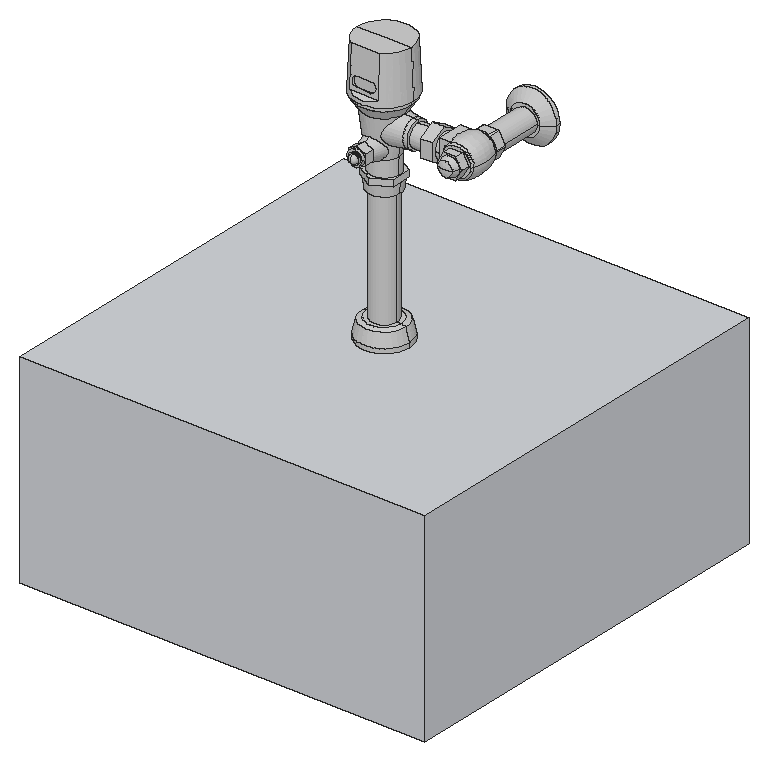
Revit family
Parameters
  Width = 0' - 8 1/4"
  Waste Connection = no
  WFU = 0
  Vent Connection = no
  Valve Type = "1” IPS Angle Stop (Vandal Resistant)"
  URL = "www.moencommercial.com"
  Sensor Type = "Infrared"
  Power Source = "Battery (4xAA)"
  Model = "8311"
  Manufacturer = "Moen"
  Length = 0' - 7 1/2"
  Keynote = "15410"
  Height = 1' - 4"
  HWFU = 0
  HW Connection = no
  Flush Rate = "1.28 GPF"
  Finish = Moen-Chrome
  Domestic Water Flow Rate = 4 GPM
  Documentation Link = "http://www.moen.com/shared/pdf/commercial/8311sp.pdf"
  Description = "1-1/2 “ Battery Powered Exposed Style Closet Flush Valve"
  Default Elevation = 1' - 6"
  Cold Water Connection Diameter = 0' 1"  # 1"
  CWFU = 2  # constant formula
  Assembly Code = "D2010200"
  ADA Compliant = yes
Reference planes (in)
  plane 1 "Center (Front/Back)": y = 0
  plane 2: z = 0
  plane 3 "Center (Left/Right)": x = 0
  plane 4: z = 16
  plane 5 "Wall Line": y = 4.88
Forms (in)
  Extrusion 1, solid
    sketch origin (0, 0, 0) x (1, 0, 0) y (0, 1, 0)
      loop
        line (-12, 12) -> (-12, -12) -> (12, -12) -> (12, 12) -> (-12, 12)
    from 0 to -12
Lines and regions (in)
  Masking region 1
    outline origin (0, 0, 0) x (1, 0, 0) y (0, 1, 0)
      loop
        arc (0.5, -1.67705) -> (1.11174, -1.35149) -> (1.54916, -0.81401) r 1.75
        line (1.54916, -0.81401) -> (1.72, -0.79) -> (2, -0.79) -> (2, -0.66115) -> (2.89, -0.66115) -> (2.89, -0.875) -> (3.6, -0.875) -> (3.6, -0.75034) -> (3.92882, -0.75034) -> (3.92882, -0.8) -> (4.06882, -0.8) -> (4.17016, -0.90134) -> (4.28713, -0.90134) -> (4.28713, -1.4) -> (4.4589, -1.4) -> (4.57894, -1.74034)
        arc (4.57894, -1.74034) -> (5.00882, -1.82) -> (5.4387, -1.74034) r 1.19971
        line (5.4387, -1.74034) -> (5.55873, -1.4) -> (5.73051, -1.4) -> (5.73051, -0.90134) -> (5.84748, -0.90134) -> (5.94882, -0.8)
        arc (5.94882, -0.8) -> (6.07875, 0) -> (5.94882, 0.8) r 2.5279
        line (5.94882, 0.8) -> (5.84748, 0.90134) -> (5.84748, 1.65) -> (5.69882, 1.65) -> (5.69882, 4.18) -> (5.89882, 4.18) -> (6.50882, 4.68) -> (6.50882, 4.88) -> (3.50882, 4.88) -> (3.50882, 4.68) -> (4.11882, 4.18) -> (4.31882, 4.18) -> (4.31882, 1.65) -> (4.17016, 1.65) -> (4.17016, 0.90134) -> (4.06882, 0.8) -> (3.92882, 0.8) -> (3.92882, 0.75034) -> (3.6, 0.75034) -> (3.6, 0.875) -> (2.89, 0.875) -> (2.89, 0.66115) -> (2, 0.66115) -> (2, 0.79) -> (1.72, 0.79) -> (1.54916, 0.81401)
        arc (1.54916, 0.81401) -> (-1.35149, 1.11174) -> (-0.5, -1.67705) r 1.75
        line (-0.5, -1.67705) -> (-0.5, -2.02) -> (-0.45, -2.02) -> (-0.45, -2.19) -> (-0.32, -2.19) -> (-0.32, -2.26) -> (-0.23516, -2.26)
        arc (-0.23516, -2.26) -> (0, -2.49516) -> (0.23516, -2.26) r 0.23516
        line (0.23516, -2.26) -> (0.32, -2.26) -> (0.32, -2.19) -> (0.45, -2.19) -> (0.45, -2.02) -> (0.5, -2.02) -> (0.5, -1.67705)
  symbolic lines
    curve 1: arc (0.82755, -1.37317, 0) -> (0, 1.60326, 0) -> (-0.82755, -1.37317, 0) r 1.60326
    curve 2: line (-0.82755, -1.37317, 0) -> (0.82755, -1.37317, 0)
    curve 3: spline (0.5, -1.66469, 0) -> (0.41968, -1.68713, 0) -> (0.33773, -1.70562, 0) -> (0.25446, -1.72007, 0) -> (0.17019, -1.73043, 0) -> (0.08526, -1.73667, 0) -> (0, -1.73875, 0) -> (-0.08526, -1.73667, 0) -> (-0.17019, -1.73044, 0) -> (-0.25446, -1.72007, 0) -> (-0.33773, -1.70562, 0) -> (-0.41968, -1.68714, 0) -> (-0.5, -1.66469, 0)
    curve 4: line (-0.45, -2.02, 0) -> (0.45, -2.02, 0)
    curve 5: line (0.3164, -2.19, 0) -> (-0.32327, -2.19, 0)
    curve 6: line (2, -0.66, 0) -> (2, 0.66, 0)
    curve 7: line (2.89, 0.66, 0) -> (2.89, -0.66, 0)
    curve 8: line (3.6, -0.75, 0) -> (3.6, 0.75, 0)
    curve 9: line (4.28713, -1.4, 0) -> (5.73051, -1.4, 0)
    curve 10: line (4.31882, 4.18, 0) -> (5.69882, 4.18, 0)
    curve 11: line (6.50882, 4.68, 0) -> (3.50882, 4.68, 0)
    curve 12: line (5.69882, 1.65, 0) -> (4.31882, 1.65, 0)
    curve 13: line (5.94882, 0.8, 0) -> (4.06882, 0.8, 0)
    curve 14: line (5.94882, -0.8, 0) -> (4.06882, -0.8, 0)
    curve 15: arc (4.62803, 0.8, 0) -> (4.37107, 0, 0) -> (4.62803, -0.8, 0) r 1.37381
    curve 16: line (4.46149, -1.4, 0) -> (5.55331, -1.4, 0)
    curve 17: line (4.64797, -0.9, 0) -> (4.64797, -1.4, 0)
    curve 18: line (5.36966, -0.9, 0) -> (5.36966, -1.4, 0)
    curve 19: line (4.28713, -0.9, 0) -> (5.73051, -0.9, 0)
    curve 20: line (5.84882, 0.9, 0) -> (4.16882, 0.9, 0)
    curve 21: line (4.54844, 1.65, 0) -> (4.54844, 0.97, 0)
    curve 22: line (4.63053, 0.97, 0) -> (4.63053, 1.65, 0)
    curve 23: line (4.63053, 0.97, 0) -> (5.3871, 0.97, 0)
    curve 24: line (5.3871, 1.65, 0) -> (5.3871, 0.97, 0)
    curve 25: line (5.4692, 0.97, 0) -> (5.4692, 1.65, 0)
    curve 26: line (4.17016, 0.97, 0) -> (4.54844, 0.97, 0)
    curve 27: line (5.4692, 0.97, 0) -> (5.84748, 0.97, 0)
    curve 28: arc (1.54916, -0.81401, 0) -> (1.75, 0, 0) -> (1.54916, 0.81401, 0) r 1.75
    curve 29: line (0.86209, -1.5, 0) -> (-0.86209, -1.5, 0)
    curve 30: line (0.82755, -1.37317, 0) -> (0.86209, -1.5, 0)
    curve 31: line (-0.86209, -1.5, 0) -> (-0.82755, -1.37317, 0)
    curve 32: line (-0.23516, -2.26, 0) -> (0.24, -2.26, 0)
    curve 33: line (3.92882, 0.75, 0) -> (3.92882, -0.75034, 0)
Text (in)
  text "Height Parameter does not control Model geometry.  If you need to change the size of the model, select the correct model number." at (1.70246, 0, 22.99516), in view "Front"
Dimensions and locks (in)
  "Height": plane 4 to plane 2
  aligned and locked: plane 2 to Extrusion 1
  aligned and locked: level to Extrusion 1
  aligned and locked: plane 1 "Center (Front/Back)" to nested 3
  aligned: nested 2 to nested 3
  aligned and locked: nested 1 to plane 2
  aligned and locked: nested 1 to nested 2  (x2)
  aligned and locked: nested 2 to nested 3
  aligned and locked: nested 3 to nested 3
Automatic sketch dimensions
  Extrusion 1 sketch curve to Extrusion 1 sketch curve = 2' - 0"  (x2)
  Masking region 1 sketch curve to Masking region 1 sketch curve = 0' - 0"  (x4)
  plane 1 "Center (Front/Back)" to Masking region 1 sketch curve = 0' - 0"  (x2)
  Masking region 1 sketch curve to plane 3 "Center (Left/Right)" = 0' - 0"  (x2)
  Masking region 1 sketch curve to plane 3 "Center (Left/Right)" = 0' - 0.23516"
  Masking region 1 sketch curve to Masking region 1 sketch curve = 0' - 0.08484"  (x2)
  Masking region 1 sketch curve to Masking region 1 sketch curve = 0' - 0.13"  (x2)
  Masking region 1 sketch curve to Masking region 1 sketch curve = 0' - 0.05"  (x2)
  plane 3 "Center (Left/Right)" to Masking region 1 sketch curve = 0' - 1.54916"
  Masking region 1 sketch curve to Masking region 1 sketch curve = 0' - 1.04916"
  Masking region 1 sketch curve to plane 1 "Center (Front/Back)" = 0' - 0.79"
  Masking region 1 sketch curve to Masking region 1 sketch curve = 0' - 0.17084"  (x2)
  plane 1 "Center (Front/Back)" to Masking region 1 sketch curve = 0' - 0.79"
  Masking region 1 sketch curve to Masking region 1 sketch curve = 0' - 0.28"  (x2)
  Masking region 1 sketch curve to Masking region 1 sketch curve = 0' - 0.89"  (x2)
  plane 3 "Center (Left/Right)" to Masking region 1 sketch curve = 0' - 3.50882"
  Masking region 1 sketch curve to Masking region 1 sketch curve = 0' - 0.66085"
  Masking region 1 sketch curve to Masking region 1 sketch curve = 0' - 0.32882"  (x2)
  Masking region 1 sketch curve to Masking region 1 sketch curve = 0' - 0.14"  (x2)
  Masking region 1 sketch curve to plane 1 "Center (Front/Back)" = 0' - 0.8"
  Masking region 1 sketch curve to Masking region 1 sketch curve = 0' - 0.61"  (x2)
  Masking region 1 sketch curve to Masking region 1 sketch curve = 0' - 0.10134"  (x8)
  plane 1 "Center (Front/Back)" to Masking region 1 sketch curve = 0' - 0.90134"
  Masking region 1 sketch curve to Masking region 1 sketch curve = 0' - 0.11697"  (x2)
  Masking region 1 sketch curve to Masking region 1 sketch curve = 0' - 0.14866"  (x2)
  plane 1 "Center (Front/Back)" to Masking region 1 sketch curve = 0' - 1.4"  (x2)
  Masking region 1 sketch curve to Masking region 1 sketch curve = 0' - 0.17177"  (x2)
  plane 1 "Center (Front/Back)" to Masking region 1 sketch curve = 0' - 1.74034"  (x2)
  Masking region 1 sketch curve to Masking region 1 sketch curve = 0' - 0.12003"  (x2)
  Masking region 1 sketch curve to Masking region 1 sketch curve = 0' - 0.72169"
  Masking region 1 sketch curve to Masking region 1 sketch curve = 0' - 1.38"
  Masking region 1 sketch curve to Masking region 1 sketch curve = 0' - 0.2"  (x2)
  Masking region 1 sketch curve to Masking region 1 sketch curve = 0' - 1.23"
  Masking region 1 sketch curve to Masking region 1 sketch curve = 0' - 0.17"  (x2)
  Masking region 1 sketch curve to Masking region 1 sketch curve = 0' - 0.07"
  Masking region 1 sketch curve to Masking region 1 sketch curve = 0' - 0.34295"  (x2)
  Masking region 1 sketch curve to Masking region 1 sketch curve = 0' - 0.49866"
  Masking region 1 sketch curve to Masking region 1 sketch curve = 0' - 0.12466"
  Masking region 1 sketch curve to Masking region 1 sketch curve = 0' - 0.21385"  (x2)
  plane 1 "Center (Front/Back)" to Masking region 1 sketch curve = 0' - 0.62029"
  Masking region 1 sketch curve to plane 1 "Center (Front/Back)" = 0' - 0.66115"
  Masking region 1 sketch curve to Masking region 1 sketch curve = 0' - 0.04966"
  Masking region 1 sketch curve to Masking region 1 sketch curve = 0' - 0.74866"  (x2)
  Masking region 1 sketch curve to Masking region 1 sketch curve = 0' - 2.53"
  Masking region 1 sketch curve to Masking region 1 sketch curve = 0' - 0 1/2"  (x2)
  Masking region 1 sketch curve to Masking region 1 sketch curve = 0' - 0.71"  (x2)
  plane 1 "Center (Front/Back)" to Masking region 1 sketch curve = 0' - 0 7/8"
  curve 1 to curve 28 = 0' - 0"  (x2)
  plane 1 "Center (Front/Back)" to curve 1 = 0' - 0"
  curve 1 to plane 3 "Center (Left/Right)" = 0' - 0"
  curve 3 to plane 3 "Center (Left/Right)" = 0' - 0"
  curve 32 to plane 3 "Center (Left/Right)" = 0' - 0.23516"
  curve 5 to curve 32 = 0' - 0.08811"
  curve 4 to curve 5 = 0' - 0.12673"
  curve 3 to curve 4 = 0' - 0.05"
  curve 2 to curve 3 = 0' - 0.32755"
  curve 31 to curve 2 = 0' - 0.03454"
  curve 3 to curve 1 = 0' - 0.53784"
  plane 3 "Center (Left/Right)" to curve 32 = 0' - 0.24"
  curve 32 to curve 5 = 0' - 0.0764"
  curve 5 to curve 4 = 0' - 0.1336"
  curve 4 to curve 3 = 0' - 0.05"
  curve 2 to curve 30 = 0' - 0.03454"
  curve 2 to curve 28 = 0' - 0.72161"
  curve 28 to plane 1 "Center (Front/Back)" = 0' - 0.81401"
  plane 3 "Center (Left/Right)" to curve 28 = 0' - 1.54916"
  curve 28 to curve 6 = 0' - 0.45084"
  curve 6 to curve 7 = 0' - 0.89"
  curve 11 to plane 5 "Wall Line" = 0' - 0.2"
  plane 3 "Center (Left/Right)" to curve 11 = 0' - 3.50882"
  curve 7 to curve 8 = 0' - 0.71"
  curve 8 to curve 33 = 0' - 0.32882"
  curve 33 to curve 13 = 0' - 0.14"
  curve 33 to curve 14 = 0' - 0.14"
  curve 13 to curve 20 = 0' - 0.1"  (x2)
  curve 20 to curve 26 = 0' - 0.00134"
  curve 14 to curve 9 = 0' - 0.21831"
  curve 14 to curve 19 = 0' - 0.21831"
  curve 11 to curve 10 = 0' - 0.81"
  curve 26 to curve 12 = 0' - 0.14866"
  curve 9 to curve 16 = 0' - 0.17436"
  curve 26 to curve 21 = 0' - 0.37829"
  curve 19 to curve 15 = 0' - 0.3409"
  curve 21 to curve 15 = 0' - 0.07959"
  curve 21 to curve 23 = 0' - 0.08209"
  curve 16 to curve 17 = 0' - 0.18649"
  curve 17 to curve 18 = 0' - 0.72169"
  curve 23 to curve 24 = 0' - 0.75657"
  curve 24 to curve 27 = 0' - 0.08209"
  curve 18 to curve 16 = 0' - 0.18365"
  curve 10 to curve 10 = 0' - 1.38"
  curve 25 to curve 12 = 0' - 0.22962"
  curve 18 to curve 19 = 0' - 0.36084"
  curve 16 to curve 9 = 0' - 0.17719"
  plane 1 "Center (Front/Back)" to curve 15 = 0' - 0"
  curve 19 to curve 15 = 0' - 0.01437"
  curve 25 to curve 27 = 0' - 0.37829"
  curve 27 to curve 20 = 0' - 0.00134"
  curve 19 to curve 14 = 0' - 0.21831"
  curve 20 to curve 13 = 0' - 0.1"
  curve 10 to curve 11 = 0' - 0.81"
  plane 1 "Center (Front/Back)" to curve 19 = 0' - 0.9"
  curve 30 to curve 28 = 0' - 0.55916"
  curve 18 to curve 18 = 0' - 0 1/2"
  curve 16 to curve 9 = 0' - 0"
  curve 29 to curve 2 = 0' - 0.12683"
  curve 3 to curve 29 = 0' - 0.16469"
  curve 4 to curve 3 = 0' - 0.35531"
  curve 5 to curve 4 = 0' - 0.17"
  curve 32 to curve 5 = 0' - 0.07"
  curve 19 to curve 14 = 0' - 0.1"
  curve 14 to curve 33 = 0' - 0.04966"
  curve 33 to curve 8 = 0' - 0.00034"
  plane 1 "Center (Front/Back)" to curve 3 = 0' - 0.67257"
  plane 1 "Center (Front/Back)" to curve 7 = 0' - 0.66"
  curve 28 to curve 6 = 0' - 0.15401"
  curve 7 to plane 1 "Center (Front/Back)" = 0' - 0.66"
  curve 6 to curve 28 = 0' - 0.15401"
  curve 8 to curve 13 = 0' - 0.05"
  curve 33 to curve 13 = 0' - 0.05"
  curve 20 to curve 24 = 0' - 0.07"
  curve 23 to curve 24 = 0' - 0"
  curve 21 to curve 23 = 0' - 0"
  curve 20 to curve 26 = 0' - 0.07"
  curve 24 to curve 27 = 0' - 0"
  curve 22 to curve 23 = 0' - 0"
  curve 21 to curve 21 = 0' - 0.68"
  curve 10 to plane 5 "Wall Line" = 0' - 0.7"
Nested families (in)
  nested 1: "Vertical Piping - 1.5in" at (0, 0, 0), type "Vertical Piping - 1.5in"
    with Finish Moen-Chrome
  nested 2: "Flush Valve" at (-0.00018, 0, 8.625), type "Flush Valve"
    with Finish Moen-Chrome
  nested 3: "Supply Elbow - 1in" at (5.00882, 4.88, 11.475), type "Supply Elbow - 1in"
    with Finish Moen-Chrome
Connectors (in)
  piping at (5.00882, 5.14, 11.475), driven by "Domestic Water Flow Rate"
    settings: on nested 3, index 1
Definition of nested family "Vertical Piping - 1.5in"
  Parameters (values of type "Vertical Piping - 1.5in")
    Finish [instance] = Moen-Chrome
  Reference planes (in)
    plane 1 "Center (Front/Back)": y = 0
    plane 2: z = 0
    plane 3 "Center (Left/Right)": x = 0
    plane 4 "Extents of Vertical Piping": z = 9
    plane 5 "Bottom of Nut": z = 8
    plane 6 "Top of Escutcheon": z = 1.1
    plane 7 "Straight Pipe Radius": x = -0.75
    plane 8 "Top Inner Depth": z = 8.44
  Forms (in)
    Revolve 1, solid, material "Moen-Chrome" <- "Finish"
      sketch origin (0, 0, 0) x (1, 0, 0) y (0, 0, 1)
        loop
          line (0, 0) -> (0, 9) -> (-1, 9) -> (-1, 8.625) -> (-0.94, 8) -> (-0.75, 8) -> (-0.75, 1.1) -> (-1.03, 1.1) -> (-1.3, 1) -> (-1.5, 0.25) -> (-1.5, 0) -> (0, 0)
        axis (0, 9) -> (0, 0)
      angle from 0 to 360
    Extrusion 2, solid, material "Moen-Chrome" <- "Finish"
      sketch origin (0, 0, 9) x (-1, 0, 0) y (0, -1, 0)
        loop
          line (-1, -0.57735) -> (0, -1.1547) -> (1, -0.57735) -> (1, 0.57735) -> (0, 1.1547) -> (-1, 0.57735) -> (-1, -0.57735)
      from 0 to -0.375
    Extrusion 3, void
      sketch origin (0, 0, 9) x (-1, 0, 0) y (0, -1, 0)
        loop
          circle (0, 0) r 0.88
      from 0 to -0.375
  Cuts and joins
    Extrusion 3 cuts Revolve 1
    Extrusion 3 cuts Extrusion 2
    joined: Revolve 1, Extrusion 2
  Dimensions and locks (in)
    plane 7 "Straight Pipe Radius" to plane 3 "Center (Left/Right)" = 0' - 0 3/4"
    locked: plane 4 "Extents of Vertical Piping" to plane 2 at 9
    locked: plane 4 "Extents of Vertical Piping" to plane 5 "Bottom of Nut" at 1
    plane 6 "Top of Escutcheon" to plane 2 = 0' - 1.1"
    locked: plane 3 "Center (Left/Right)" to Revolve 1 sketch curve at 1.5
    locked: plane 3 "Center (Left/Right)" to Revolve 1 sketch curve at 1
    locked: plane 4 "Extents of Vertical Piping" to Revolve 1 sketch curve at 0.375
    locked: plane 3 "Center (Left/Right)" to Revolve 1 sketch curve at 0.94
    locked: Revolve 1 sketch curve to plane 2 at 0.25
    locked: plane 6 "Top of Escutcheon" to Revolve 1 sketch curve at 0.1
    locked: plane 3 "Center (Left/Right)" to Revolve 1 sketch curve at 1.03
    locked: plane 3 "Center (Left/Right)" to Revolve 1 sketch curve at 1.3
    aligned and locked: plane 2 to Revolve 1 sketch curve
    aligned and locked: plane 3 "Center (Left/Right)" to Revolve 1 sketch curve
    aligned and locked: plane 4 "Extents of Vertical Piping" to Revolve 1 sketch curve
    aligned and locked: plane 7 "Straight Pipe Radius" to Revolve 1 sketch curve
    aligned and locked: Revolve 1 sketch curve to plane 3 "Center (Left/Right)"
    aligned and locked: Revolve 1 sketch curve to plane 6 "Top of Escutcheon"
Definition of nested family "Flush Valve"
  Parameters (values of type "Flush Valve")
    Finish [instance] = Moen-Chrome
    Assembly Code = ""
  Reference planes (in)
    plane 1 "Center (Front/Back)": y = 0
    plane 2: z = 0
    plane 3 "Center (Left/Right)": x = 0
    plane 4 "Flush Vavle Height": z = 7.35
    plane 5 "Bottom of Sensor": z = 4.55
    plane 6 "To Supply Elbow": z = 2.85
    plane 7 "Center Nut": z = 1.87
    plane 8 "Sensor Center": z = 5.45
    plane 9 "Right Side Extents": x = 3.6
    plane 10 "Sensor Flat": y = -1.5
    plane 11 "Center Nut Front": y = -2.5
    plane 12 "Center Nut Back": y = 1.5
  Forms (in)
    Revolve 1, solid, material "Moen-Chrome" <- "Finish"
      sketch origin (0, 0, 0) x (1, 0, 0) y (0, 0, 1)
        loop
          line (0, 0) -> (0, 7.35) -> (-1.60326, 7.35) -> (-1.75, 4.55) -> (-1.63, 4.55) -> (-1.63, 4.3) -> (-1.22, 3.7) -> (-0.88, 1.3) -> (-0.88, 0) -> (0, 0)
        axis (0, 7.35) -> (0, 0)
      angle from 0 to 360
    Revolve 2, solid, material "Moen-Chrome" <- "Finish"
      sketch origin (0, 0, 0) x (1, 0, 0) y (0, 0, 1)
        loop
          line (0.5, 2.85) -> (0.5, 1.88854) -> (1.72, 2.06) -> (2, 2.06) -> (2, 2.19) -> (3.6, 2.19) -> (3.6, 2.85) -> (0.5, 2.85)
        axis (0.5, 2.85) -> (3.6, 2.85)
      angle from 0 to 360
    Revolve 3, solid, material "Moen-Chrome" <- "Finish"
      sketch origin (0, 0, 0) x (0, 1, 0) y (0, 0, 1)
        loop
          arc (-2.5, 1.87) -> (-2.42971, 1.70029) -> (-2.26, 1.63) r 0.24
          line (-2.26, 1.63) -> (-2.26, 1.55) -> (-2.19, 1.55) -> (-2.19, 1.42) -> (-1.47, 1.42) -> (-1.47, 1.37) -> (-0.53699, 1.12) -> (0.46699, 1.12) -> (1.4, 1.37) -> (1.5, 1.37) -> (1.5, 1.87) -> (-2.5, 1.87)
        axis (1.5, 1.87) -> (-2.5, 1.87)
      angle from 0 to 360
    Extrusion 4, void
      sketch origin (0, 0, 0) x (0, 1, 0) y (0, 0, 1)
        loop
          line (-1.75, 4.55) -> (-1.75, 4.73) -> (-1.5, 4.93) -> (-1.37317, 7.35) -> (-2, 7.35) -> (-2, 4.55) -> (-1.75, 4.55)
      from 1.5 to -1.5
    Extrusion 5, solid, material "Moen-Chrome" <- "Finish"
      sketch origin (3.6, 0, 0) x (0, 0, 1) y (0, -1, 0)
        loop
          line (2.34482, 0.875) -> (1.83964, 0) -> (2.34482, -0.875) -> (3.35518, -0.875) -> (3.86036, 0) -> (3.35518, 0.875) -> (2.34482, 0.875)
      from 0 to -0.71
    Extrusion 6, solid, material "Moen-Chrome" <- "Finish"
      sketch origin (0, -1.47, 1.87) x (-1, 0, 0) y (0, 0, -1)
        loop
          line (0.5, 0.28868) -> (0, 0.57735) -> (-0.5, 0.28868) -> (-0.5, -0.28868) -> (0, -0.57735) -> (0.5, -0.28868) -> (0.5, 0.28868)
      from 0 to 0.55
    Extrusion 7, void
      sketch origin (0, 0, 0) x (1, 0, 0) y (0, 0, 1)
        loop
          arc (-0.4, 5.76) -> (-0.71, 5.45) -> (-0.4, 5.14) r 0.31
          line (-0.4, 5.14) -> (0.4, 5.14)
          arc (0.4, 5.14) -> (0.71, 5.45) -> (0.4, 5.76) r 0.31
          line (0.4, 5.76) -> (-0.4, 5.76)
      from 1.4 to 1.6
    Extrusion 8, void
      sketch origin (3.6, 0, 0) x (0, 0, 1) y (0, -1, 0)
        loop
          circle (2.85, 0) r 0.75
      from 0 to -0.591
  Cuts and joins
    Extrusion 4, Extrusion 7, Extrusion 8 cuts Revolve 1
    Extrusion 4, Extrusion 7, Extrusion 8 cuts Revolve 2
    Extrusion 4, Extrusion 7, Extrusion 8 cuts Revolve 3
    Extrusion 8 cuts Extrusion 5
    Extrusion 8 cuts Extrusion 6
    joined: Revolve 1, Revolve 2, Revolve 3, Extrusion 5, Extrusion 6
  Dimensions and locks (in)
    locked: plane 4 "Flush Vavle Height" to plane 2 at 7.35
    locked: plane 12 "Center Nut Back" to plane 1 "Center (Front/Back)" at 1.5
    locked: plane 11 "Center Nut Front" to plane 1 "Center (Front/Back)" at 2.5
    locked: plane 7 "Center Nut" to plane 2 at 1.87
    locked: plane 6 "To Supply Elbow" to plane 2 at 2.85
    locked: plane 9 "Right Side Extents" to plane 3 "Center (Left/Right)" at 3.6
    locked: plane 5 "Bottom of Sensor" to plane 2 at 4.55
    locked: plane 8 "Sensor Center" to plane 5 "Bottom of Sensor" at 0.9
    locked: plane 10 "Sensor Flat" to plane 1 "Center (Front/Back)" at 1.5
    locked: plane 3 "Center (Left/Right)" to Revolve 1 sketch curve at 1.75
    locked: plane 3 "Center (Left/Right)" to Revolve 1 sketch curve at 0.88
    locked: plane 3 "Center (Left/Right)" to Revolve 1 sketch curve at 1.22
    locked: plane 3 "Center (Left/Right)" to Revolve 1 sketch curve at 1.63
    locked: plane 5 "Bottom of Sensor" to Revolve 1 sketch curve at 0.25
    locked: Revolve 1 sketch curve to plane 2 at 3.7
    locked: plane 6 "To Supply Elbow" to Revolve 2 sketch curve at 0.66
    locked: Revolve 2 sketch curve to Revolve 2 sketch curve at 0.79
    locked: plane 9 "Right Side Extents" to Revolve 2 sketch curve at 1.6
    locked: Revolve 2 sketch curve to Revolve 2 sketch curve at 0.28
    locked: Revolve 2 sketch curve to plane 3 "Center (Left/Right)" at 0.5
    locked: plane 7 "Center Nut" to Revolve 3 sketch curve at 0.75
    locked: plane 7 "Center Nut" to Revolve 3 sketch curve at 0.5  (x2)
    locked: plane 7 "Center Nut" to Revolve 3 sketch curve at 0.45
    locked: plane 7 "Center Nut" to Revolve 3 sketch curve at 0.32
    locked: plane 11 "Center Nut Front" to Revolve 3 sketch curve at 0.24
    locked: plane 11 "Center Nut Front" to Revolve 3 sketch curve at 0.31
    locked: plane 11 "Center Nut Front" to Revolve 3 sketch curve at 1.03
    locked: Revolve 3 sketch curve to plane 12 "Center Nut Back" at 0.1
    locked: Revolve 3 sketch curve to plane 1 "Center (Front/Back)" at 0.53699
    locked: plane 1 "Center (Front/Back)" to Revolve 3 sketch curve at 0.46699
    locked: Extrusion 4 sketch curve to plane 5 "Bottom of Sensor" at 0.38
    locked: Extrusion 4 sketch curve to plane 5 "Bottom of Sensor" at 0.18
    locked: Extrusion 4 sketch curve to plane 10 "Sensor Flat" at 0.5
    locked: Extrusion 4 sketch curve to Extrusion 4 sketch curve at 0.25
    equal spacing: Extrusion 7 sketch curve, plane 3 "Center (Left/Right)", Extrusion 7 sketch curve, locked at 0.4 each
    locked: Extrusion 7 sketch curve to Extrusion 7 sketch curve at 0.8
    locked: Revolve 1 sketch curve to plane 2 at 1.3
    radius of Revolve 3 sketch curve = 0' - 0.24"
    radius of Extrusion 7 sketch curve = 0' - 0.31"  (x2)
    radius of Extrusion 8 sketch curve = 0' - 0 3/4"
    locked: Revolve 2 sketch curve to Revolve 2 sketch curve (angle 82.00°)
    locked: plane 1 "Center (Front/Back)" to Revolve 3 sketch curve (angle 75.00°)
    locked: Revolve 3 sketch curve to plane 1 "Center (Front/Back)" (angle 75.00°)
    locked: plane 5 "Bottom of Sensor" to Revolve 1 sketch curve (angle 87.00°)
    locked: plane 5 "Bottom of Sensor" to Extrusion 4 sketch curve (angle 87.00°)
    aligned and locked: plane 3 "Center (Left/Right)" to Revolve 1 sketch curve
    aligned and locked: plane 4 "Flush Vavle Height" to Revolve 1 sketch curve
    aligned and locked: plane 2 to Revolve 1 sketch curve
    aligned and locked: plane 5 "Bottom of Sensor" to Revolve 1 sketch curve
    aligned and locked: Revolve 1 sketch curve to plane 3 "Center (Left/Right)"
    aligned and locked: Revolve 2 sketch curve to plane 9 "Right Side Extents"
    aligned and locked: Revolve 2 sketch curve to plane 6 "To Supply Elbow"  (x2)
    aligned and locked: plane 7 "Center Nut" to Revolve 3 sketch curve
    aligned and locked: Revolve 3 sketch curve to plane 7 "Center Nut"
    aligned and locked: plane 12 "Center Nut Back" to Revolve 3 sketch curve
    aligned and locked: plane 11 "Center Nut Front" to Revolve 3 sketch curve
    aligned and locked: cut or joined group of Revolve 1, Revolve 2, Revolve 3, Extrusion 4, Extrusion 5, Extrusion 6, Extrusion 7, Extrusion 8 to Extrusion 4 sketch curve
    aligned and locked: plane 4 "Flush Vavle Height" to Extrusion 4 sketch curve
    aligned and locked: plane 5 "Bottom of Sensor" to Extrusion 4 sketch curve
Definition of nested family "Supply Elbow - 1in"
  Parameters (values of type "Supply Elbow - 1in")
    Finish [instance] = Moen-Chrome
  Reference planes (in)
    plane 1 "Center (Front/Back)": y = 0
    plane 2: z = 0
    plane 3 "Center (Left/Right)": x = 0
    plane 4 "Elbow Extents": y = -6.7
    plane 5 "90deg Centerline": y = -4.88
    plane 6 "Supply Connection": y = 0.26
    plane 7 "90deg Extents": x = -2
    plane 8 "Straight Pipe Radius": x = -0.69
    plane 9 "90deg Flat": x = -1.08
    plane 10 "90deg Revolve Start": y = -4.08
    plane 11 "90deg Revolve End": y = -5.68
    plane 12: z = 0.86
    plane 13: z = -0.86
  Forms (in)
    Revolve 1, solid, material "Moen-Chrome" <- "Finish"
      sketch origin (0, 0, 0) x (1, 0, 0) y (0, 1, 0)
        loop
          line (0, 0) -> (-1.5, 0) -> (-1.5, -0.2) -> (-0.89, -0.7) -> (-0.69, -0.7) -> (-0.69, -3.91) -> (-0.84, -3.91) -> (-0.84, -3.98) -> (-0.94, -4.08)
          arc (-0.94, -4.08) -> (-1.06874, -4.88) -> (-0.94, -5.68) r 2.55
          line (-0.94, -5.68) -> (-0.84, -5.78) -> (-0.55, -5.78) -> (-0.55, -6.28) -> (-0.42988, -6.62034)
          arc (-0.42988, -6.62034) -> (-0.2186, -6.67992) -> (0, -6.7) r 1.19971
          line (0, -6.7) -> (0, 0)
        axis (0, 0) -> (0, -6.7)
      angle from 0 to 360
    Extrusion 2, solid, material "Moen-Chrome" <- "Finish"
      sketch origin (-1.08, 0, 0) x (0, -1, 0) y (0, 0, 1)
        loop
          line (4.08, 0.86) -> (4.08, -0.86) -> (5.68, -0.86) -> (5.68, 0.86) -> (4.08, 0.86)
      from 0 to -1.08
    Extrusion 3, solid, material "Moen-Chrome" <- "Finish"
      sketch origin (-1.08, 0, 0) x (0, -1, 0) y (0, 0, 1)
        loop
          circle (4.88, 0) r 0.75
      from 0 to 0.92
    Extrusion 4, solid, material "Moen-Chrome" <- "Finish"
      sketch origin (0, 0, 0) x (1, 0, 0) y (0, 0, 1)
        loop
          circle (0, 0) r 0.69
      from 0 to -0.26
    Extrusion 5, solid, material "Moen-Chrome" <- "Finish"
      sketch origin (0, -5.78, 0) x (-1, 0, 0) y (0, 0, -1)
        loop
          line (0.36084, -0.625) -> (0.72169, 0) -> (0.36084, 0.625) -> (-0.36084, 0.625) -> (-0.72169, 0) -> (-0.36084, -0.625) -> (0.36084, -0.625)
      from 0 to 0.5
    Extrusion 6, solid, material "Moen-Chrome" <- "Finish"
      sketch origin (0, -3.91, 0) x (0, 0, -1) y (-1, 0, 0)
        loop
          line (-0.75, -0.43301) -> (0, -0.86603) -> (0.75, -0.43301) -> (0.75, 0.43301) -> (0, 0.86603) -> (-0.75, 0.43301) -> (-0.75, -0.43301)
      from 0 to 0.68
    Extrusion 7, void
      sketch origin (0, -3.91, 0) x (0, 0, 1) y (-1, 0, 0)
        loop
          line (-0.84, 0) -> (-1, 0)
          arc (-1, 0) -> (0, -1) -> (1, 0) r 1
          line (1, 0) -> (0.84, 0)
          arc (0.84, 0) -> (0, -0.84) -> (-0.84, 0) r 0.84
      from 0 to -0.68
    Extrusion 8, void
      sketch origin (0, -3.91, 0) x (0, 0, 1) y (-1, 0, 0)
        loop
          arc (-0.84, 0) -> (0, 0.84) -> (0.84, 0) r 0.84
          line (0.84, 0) -> (1, 0)
          arc (1, 0) -> (0, 1) -> (-1, 0) r 1
          line (-1, 0) -> (-0.84, 0)
      from 0 to -0.68
  Cuts and joins
    Extrusion 7, Extrusion 8 cuts Revolve 1
    Extrusion 7, Extrusion 8 cuts Extrusion 2
    Extrusion 7, Extrusion 8 cuts Extrusion 3
    Extrusion 7, Extrusion 8 cuts Extrusion 4
    Extrusion 7, Extrusion 8 cuts Extrusion 5
    Extrusion 7, Extrusion 8 cuts Extrusion 6
    joined: Revolve 1, Extrusion 2, Extrusion 3, Extrusion 4, Extrusion 5, Extrusion 6
  Dimensions and locks (in)
    locked: plane 6 "Supply Connection" to plane 1 "Center (Front/Back)" at 0.26
    locked: plane 7 "90deg Extents" to plane 3 "Center (Left/Right)" at 2
    locked: plane 5 "90deg Centerline" to plane 1 "Center (Front/Back)" at 4.88
    locked: plane 4 "Elbow Extents" to plane 1 "Center (Front/Back)" at 6.7
    locked: plane 8 "Straight Pipe Radius" to plane 3 "Center (Left/Right)" at 0.69
    locked: plane 9 "90deg Flat" to plane 3 "Center (Left/Right)" at 1.08
    locked: Revolve 1 sketch curve to plane 3 "Center (Left/Right)" at 1.5
    locked: Revolve 1 sketch curve to plane 3 "Center (Left/Right)" at 0.89
    locked: Revolve 1 sketch curve to plane 1 "Center (Front/Back)" at 0.2
    locked: Revolve 1 sketch curve to plane 1 "Center (Front/Back)" at 0.7
    locked: Revolve 1 sketch curve to plane 11 "90deg Revolve End" at 0.1
    locked: Revolve 1 sketch curve to Revolve 1 sketch curve at 0.5
    Revolve 1 sketch curve to plane 4 "Elbow Extents" = 0' - 0.42"
    locked: Revolve 1 sketch curve to plane 4 "Elbow Extents" at 0.07966
    locked: Revolve 1 sketch curve to plane 3 "Center (Left/Right)" at 0.42988
    locked: Revolve 1 sketch curve to plane 3 "Center (Left/Right)" at 0.55
    locked: Revolve 1 sketch curve to plane 3 "Center (Left/Right)" at 0.84  (x2)
    locked: Revolve 1 sketch curve to plane 3 "Center (Left/Right)" at 0.94  (x2)
    equal spacing: plane 12, plane 2, plane 13, locked at 0.86 each
    locked: plane 12 to plane 13 at 1.72
    equal spacing: plane 10 "90deg Revolve Start", plane 5 "90deg Centerline", plane 11 "90deg Revolve End", locked at 0.8 each
    locked: plane 10 "90deg Revolve Start" to plane 11 "90deg Revolve End" at 1.6
    locked: Revolve 1 sketch curve to plane 10 "90deg Revolve Start" at 0.1
    locked: Revolve 1 sketch curve to Revolve 1 sketch curve at 0.07
    radius of Revolve 1 sketch curve = 0' - 2.55"
    radius of Revolve 1 sketch curve = 0' - 1.19971"
    radius of Extrusion 4 sketch curve = 0' - 0.69"
    aligned and locked: plane 3 "Center (Left/Right)" to Revolve 1 sketch curve
    aligned and locked: Revolve 1 sketch curve to plane 1 "Center (Front/Back)"
    aligned and locked: plane 10 "90deg Revolve Start" to Revolve 1 sketch curve
    aligned and locked: plane 11 "90deg Revolve End" to Revolve 1 sketch curve
    aligned and locked: plane 4 "Elbow Extents" to Revolve 1 sketch curve
    aligned and locked: Revolve 1 sketch curve to plane 3 "Center (Left/Right)"
    aligned and locked: plane 10 "90deg Revolve Start" to Extrusion 2 sketch curve
    aligned and locked: Extrusion 2 sketch curve to plane 12
    aligned and locked: plane 13 to Extrusion 2 sketch curve
    aligned and locked: Extrusion 2 sketch curve to plane 11 "90deg Revolve End"
    aligned and locked: plane 3 "Center (Left/Right)" to Extrusion 2
    aligned and locked: Extrusion 3 to plane 7 "90deg Extents"
    aligned and locked: plane 6 "Supply Connection" to Extrusion 4
  Automatic sketch dimensions
    Revolve 1 sketch curve to plane 8 "Straight Pipe Radius" = 0' - 0"
    Revolve 1 sketch curve to Revolve 1 sketch curve = 0' - 0.3"
    plane 6 "Supply Connection" to Revolve 1 sketch curve = 0' - 0.24"
    Extrusion 3 sketch curve to level = 0' - 0"
    Extrusion 3 sketch curve to plane 5 "90deg Centerline" = 0' - 0"
    Extrusion 4 sketch curve to level = 0' - 0"
    Extrusion 4 sketch curve to plane 3 "Center (Left/Right)" = 0' - 0"
    Extrusion 5 sketch curve to Revolve 1 = 0' - 0"  (x2)
    Revolve 1 to Extrusion 5 sketch curve = 0' - 0 5/8"
    Extrusion 5 sketch curve to Extrusion 5 sketch curve = 0' - 0.36084"  (x3)
    Extrusion 5 sketch curve to Revolve 1 = 0' - 0 5/8"
    Extrusion 5 sketch curve to Extrusion 5 sketch curve = 0' - 0.72169"  (x2)
    Extrusion 6 sketch curve to Revolve 1 = 0' - 0"  (x2)
    Revolve 1 to Extrusion 6 sketch curve = 0' - 0 3/4"
    Extrusion 6 sketch curve to Revolve 1 = 0' - 0 3/4"
    Extrusion 6 sketch curve to Extrusion 6 sketch curve = 0' - 0.43301"  (x3)
    Extrusion 6 sketch curve to Extrusion 6 sketch curve = 0' - 0.86603"  (x2)
    Extrusion 7 sketch curve to Extrusion 7 sketch curve = 0' - 0"
    Extrusion 7 sketch curve to Extrusion 7 sketch curve = 0' - 0.16"
    Extrusion 8 sketch curve to Extrusion 8 sketch curve = 0' - 0"
    Extrusion 8 sketch curve to Extrusion 8 sketch curve = 0' - 0.16"
    radius of Extrusion 3 sketch curve = 0' - 0 3/4"
    radius of Extrusion 7 sketch curve to Revolve 1 = 0' - 0"
    radius of Extrusion 8 sketch curve to Revolve 1 = 0' - 0"
